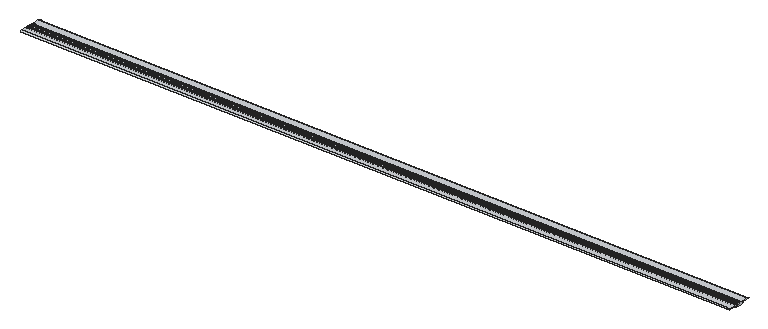
Revit family "Novojunta Pro AL30", category Modelos genéricos, Revit 2024
Family settings
  Puede alojar armadura = No
  Cota de conector redondo = Usar diámetro
  Tipo de pieza = Normal
  Corte con vacíos al cargar = No
  Mantener orientación de anotación = No
  Compartido = No
  Punto de cálculo de habitación = No
Parameters
  Novojunta Pro AL30 [instance] = yes
  built-in parameter 1001306 [instance] = 2500 mm
  Default Elevation = 0 mm
  Altura [instance] = 12.5 mm
Reference planes
  plane 1 "Center (Front/Back)": y = 0
  plane 2: z = 0
  plane 3 "Left": x = 0
  plane 4 "Right": x = 2500
Forms (mm)
  Extrusion 1, solid
    sketch origin (0, 2181.854, -1366.285) x (0, 1, 0) y (0, 0, 1)
      loop
        arc (-2193.348, 1366.308) -> (-2192.103, 1365.409) -> (-2191.443, 1364.024) r 3.1
        line (-2191.443, 1364.024) -> (-2193.109, 1364.024)
        arc (-2193.109, 1364.024) -> (-2195.984, 1363.424) -> (-2193.109, 1362.824) r 1.5
        line (-2193.109, 1362.824) -> (-2191.443, 1362.824)
        arc (-2191.443, 1362.824) -> (-2191.69, 1362.081) -> (-2192.115, 1361.424) r 3.1
        line (-2192.115, 1361.424) -> (-2179.033, 1361.424) -> (-2179.033, 1363.924) -> (-2180.033, 1363.924) -> (-2180.033, 1362.724) -> (-2190.428, 1362.724) -> (-2190.428, 1365.624) -> (-2176.384, 1365.624)
        arc (-2176.384, 1365.624) -> (-2179.291, 1366.595) -> (-2182.338, 1366.924) r 14.283
        line (-2182.338, 1366.924) -> (-2188.959, 1366.924)
        arc (-2188.959, 1366.924) -> (-2191.175, 1366.769) -> (-2193.348, 1366.308) r 15.951
      loop
        arc (-2171.946, 1360.501) -> (-2173.19, 1361.4) -> (-2173.851, 1362.785) r 3.1
        line (-2173.851, 1362.785) -> (-2172.184, 1362.785)
        arc (-2172.184, 1362.785) -> (-2169.309, 1363.385) -> (-2172.184, 1363.985) r 1.5
        line (-2172.184, 1363.985) -> (-2173.851, 1363.985)
        arc (-2173.851, 1363.985) -> (-2173.603, 1364.728) -> (-2173.178, 1365.385) r 3.1
        line (-2173.178, 1365.385) -> (-2186.26, 1365.385) -> (-2186.26, 1362.885) -> (-2185.26, 1362.885) -> (-2185.26, 1364.085) -> (-2174.865, 1364.085) -> (-2174.865, 1361.185) -> (-2188.909, 1361.185)
        arc (-2188.909, 1361.185) -> (-2186.003, 1360.214) -> (-2182.956, 1359.885) r 14.283
        line (-2182.956, 1359.885) -> (-2176.335, 1359.885)
        arc (-2176.335, 1359.885) -> (-2174.119, 1360.04) -> (-2171.946, 1360.501) r 15.951
      loop
        line (-2223.765, 1364.326) -> (-2197.383, 1364.326) -> (-2197.383, 1360.524) -> (-2194.484, 1360.524)
        arc (-2194.484, 1360.524) -> (-2192.925, 1360.978) -> (-2191.855, 1362.2) r 2.9
        line (-2191.855, 1362.2) -> (-2193.126, 1362.401)
        arc (-2193.126, 1362.401) -> (-2196.183, 1363.421) -> (-2193.13, 1364.45) r 1.699
        line (-2193.13, 1364.45) -> (-2191.857, 1364.652)
        arc (-2191.857, 1364.652) -> (-2192.927, 1365.87) -> (-2194.484, 1366.324) r 2.9
        line (-2194.484, 1366.324) -> (-2219.223, 1366.324)
        arc (-2219.223, 1366.324) -> (-2221.705, 1365.803) -> (-2223.765, 1364.326) r 6.156
      loop
        line (-2146.07, 1366.285) -> (-2170.809, 1366.285)
        arc (-2170.809, 1366.285) -> (-2172.366, 1365.832) -> (-2173.436, 1364.614) r 2.9
        line (-2173.436, 1364.614) -> (-2172.163, 1364.412)
        arc (-2172.163, 1364.412) -> (-2169.11, 1363.382) -> (-2172.167, 1362.363) r 1.699
        line (-2172.167, 1362.363) -> (-2173.439, 1362.162)
        arc (-2173.439, 1362.162) -> (-2172.368, 1360.94) -> (-2170.809, 1360.485) r 2.9
        line (-2170.809, 1360.485) -> (-2167.911, 1360.485) -> (-2167.911, 1364.288) -> (-2141.528, 1364.288)
        arc (-2141.528, 1364.288) -> (-2143.589, 1365.764) -> (-2146.07, 1366.285) r 6.156
    from 0 to 2500
Lines and regions (mm)
  reference lines
    curve 1: line (0, 0, 0) -> (2500, 0, 0)
Dimensions and locks
  "built-in parameter 1001306": plane 3 "Left" to plane 4 "Right"
  aligned and locked: plane 4 "Right" to curve 1
  aligned and locked: plane 1 "Center (Front/Back)" to curve 1
  aligned and locked: plane 3 "Left" to curve 1
  aligned and locked: level to plane 2
  aligned and locked: Extrusion 1 to curve 1
  aligned and locked: Extrusion 1 to plane 3 "Left"
Automatic sketch dimensions
  Extrusion 1 sketch curve to Extrusion 1 sketch curve = 0 mm  (x22)
  Extrusion 1 sketch curve to level = 1.959 mm
  plane 1 "Center (Front/Back)" to Extrusion 1 sketch curve = 41.911 mm
  Extrusion 1 sketch curve to Extrusion 1 sketch curve = 4.539 mm
  Extrusion 1 sketch curve to Extrusion 1 sketch curve = 2.899 mm  (x2)
  Extrusion 1 sketch curve to Extrusion 1 sketch curve = 1.354 mm
  Extrusion 1 sketch curve to Extrusion 1 sketch curve = 1.358 mm  (x2)
  Extrusion 1 sketch curve to Extrusion 1 sketch curve = 0.021 mm  (x2)
  Extrusion 1 sketch curve to Extrusion 1 sketch curve = 0.017 mm  (x2)
  Extrusion 1 sketch curve to Extrusion 1 sketch curve = 1.011 mm
  Extrusion 1 sketch curve to level = 1.633 mm
  Extrusion 1 sketch curve to Extrusion 1 sketch curve = 1.273 mm
  Extrusion 1 sketch curve to Extrusion 1 sketch curve = 0.261 mm
  Extrusion 1 sketch curve to Extrusion 1 sketch curve = 0.412 mm  (x2)
  Extrusion 1 sketch curve to Extrusion 1 sketch curve = 0.414 mm  (x2)
  Extrusion 1 sketch curve to Extrusion 1 sketch curve = 1.429 mm
  Extrusion 1 sketch curve to Extrusion 1 sketch curve = 1.469 mm  (x2)
  Extrusion 1 sketch curve to Extrusion 1 sketch curve = 1.519 mm
  Extrusion 1 sketch curve to level = 0.9 mm
  Extrusion 1 sketch curve to Extrusion 1 sketch curve = 2.698 mm  (x2)
  Extrusion 1 sketch curve to Extrusion 1 sketch curve = 1 mm  (x3)
  Extrusion 1 sketch curve to Extrusion 1 sketch curve = 3.305 mm
  Extrusion 1 sketch curve to Extrusion 1 sketch curve = 2.923 mm  (x2)
  Extrusion 1 sketch curve to Extrusion 1 sketch curve = 2.649 mm
  Extrusion 1 sketch curve to Extrusion 1 sketch curve = 1.014 mm  (x2)
  Extrusion 1 sketch curve to Extrusion 1 sketch curve = 0.258 mm
  Extrusion 1 sketch curve to Extrusion 1 sketch curve = 1.252 mm
  Extrusion 1 sketch curve to level = 3.922 mm
  Extrusion 1 sketch curve to level = 1.873 mm
  Extrusion 1 sketch curve to Extrusion 1 sketch curve = 1.375 mm
  Extrusion 1 sketch curve to Extrusion 1 sketch curve = 0.003 mm
  Extrusion 1 sketch curve to Extrusion 1 sketch curve = 4.542 mm  (x2)
  Extrusion 1 sketch curve to Extrusion 1 sketch curve = 2.452 mm
  Extrusion 1 sketch curve to Extrusion 1 sketch curve = 0.624 mm
  Extrusion 1 sketch curve to Extrusion 1 sketch curve = 0.776 mm
  Extrusion 1 sketch curve to Extrusion 1 sketch curve = 1.015 mm
  Extrusion 1 sketch curve to Extrusion 1 sketch curve = 3.803 mm
  Extrusion 1 sketch curve to Extrusion 1 sketch curve = 0.356 mm
  Extrusion 1 sketch curve to Extrusion 1 sketch curve = 1.538 mm
  Extrusion 1 sketch curve to Extrusion 1 sketch curve = 7.245 mm
  Extrusion 1 sketch curve to Extrusion 1 sketch curve = 1.668 mm  (x2)
  Extrusion 1 sketch curve to Extrusion 1 sketch curve = 0.422 mm
  Extrusion 1 sketch curve to Extrusion 1 sketch curve = 1.3 mm
  Extrusion 1 sketch curve to Extrusion 1 sketch curve = 2.5 mm
  Extrusion 1 sketch curve to Extrusion 1 sketch curve = 1.2 mm  (x2)
  Extrusion 1 sketch curve to Extrusion 1 sketch curve = 0.903 mm
  Extrusion 1 sketch curve to Extrusion 1 sketch curve = 0.972 mm
  Extrusion 1 sketch curve to Extrusion 1 sketch curve = 21.844 mm
  Extrusion 1 sketch curve to Extrusion 1 sketch curve = 1.136 mm
  Extrusion 1 sketch curve to Extrusion 1 sketch curve = 21.841 mm
